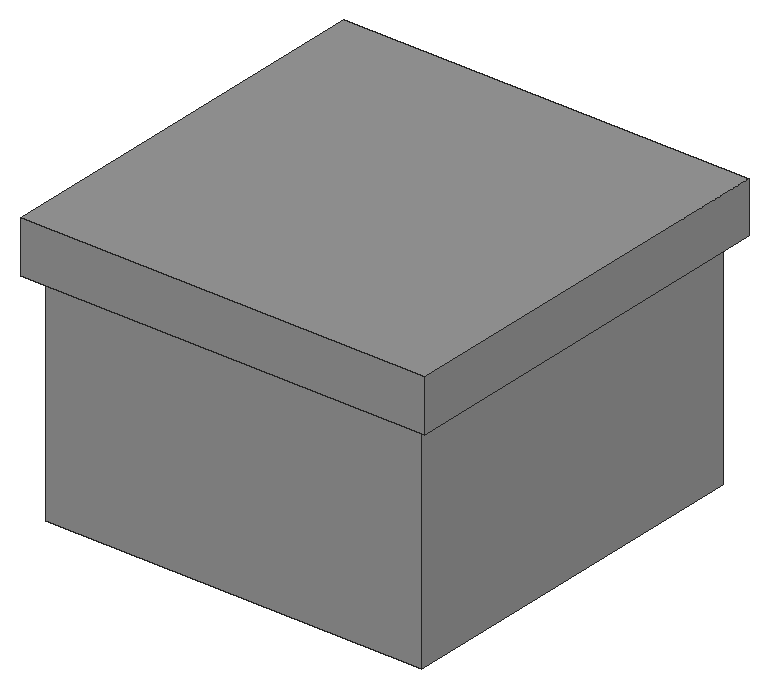
Revit family "Switch-Isolation_Fan_Scolmore_Click-Polar  ", category Electrical Fixtures, host Face, Revit 2014
Parameters (values of type "10A 3 Pole Fan Isolation Switch, Unprinted")
  Symbol - Twin = no
  Symbol - Triple Pole = yes
  Symbol - Switched = no
  Symbol - Fused = no
  Symbol - Flex Outlet = no
  Switch Voltage = 230 V
  URL = "https://www.scolmore.com/_pdfs/spec_bros/Polar%2020A%20Control%20Switches.pdf"
  Type Comments = "BS EN 60669"
  Detail - Switch Visibility = yes
  Number of Ways = ""
  Number of Poles = 3
  Detail - Neon Visibilty = no
  Symbol - Neon Indicator = no
  Detail - Fused Spur Visibility = no
  Symbol - Dual Pole = no
  Number of Gangs = ""
  Model = "Scolmore Click Polar PRW021"
  Manufacturer = "Scolmore"
  Load Classification = Power
  Switch Type Label = "F"
  Keynote = "16300"
  FixtureWidth = 86 mm
  FixtureMaterial = Phenolic Resin, White
  FixtureHeight = 86 mm
  FixtureDepth = 11 mm
  Description = "10A 3 Pole Fan Isolation Switch, unprinted"
  Default Elevation = 450 mm
  BackBoxWidth = 80 mm
  BackBoxHeight = 80 mm
  BackBoxDepth(16-47mm) = 47 mm
  Backbox Required = yes
  Assembly Code = "D5010"
  Apparent Load = 10 VA
Types (3, lengths in mm): name | Model | Description
  (no name) | "Scolmore Click Polar PRW021" | "10A 3 Pole Fan Isolation Switch, unprinted"
  10A 3 Pole Fan Isolation Switch | "Scolmore Click Polar PRW020" | "10A 3 Pole Fan Isolation Switch"
  10A 3 Pole Fan Isolation Switch, Unprinted | "Scolmore Click Polar PRW021" | "10A 3 Pole Fan Isolation Switch, unprinted"
Reference planes
  plane 1 "Center (Front/Back)": y = 0
  plane 2: z = 0
  plane 3 "Center (Left/Right)": x = 0
  plane 4 "CutOutLeft": x = -40
  plane 5 "CutOutRight": x = 40
  plane 6 "CutOutTop": y = 40
  plane 7 "CutOutBase": y = -40
  plane 8 "FixtureLeft": x = -43
  plane 9 "FixtureRight": x = 43
  plane 10 "FixtureTop": y = 43
  plane 11 "FixtureBase": y = -43
  plane 12 "FixtureDepth": z = 11
  plane 13 "CutOutDepth": z = -47
Forms (mm)
  Extrusion 1, solid, material "Phenolic Resin, White" <- "FixtureMaterial"
    sketch origin (0, 0, 0) x (1, 0, 0) y (0, 1, 0)
      loop
        line (-43, 43) -> (-43, -43) -> (43, -43) -> (43, 43) -> (-43, 43)
    from 0 to 11
  Extrusion 2, solid, material "Phenolic Resin, White" <- "FixtureMaterial", visible <- "Backbox Required"
    sketch origin (0, 0, 0) x (1, 0, 0) y (0, 1, 0)
      loop
        line (-40, 40) -> (-40, -40) -> (40, -40) -> (40, 40) -> (-40, 40)
    from 0 to -47
Dimensions and locks
  equal spacing: plane 6 "CutOutTop", plane 1 "Center (Front/Back)", plane 7 "CutOutBase"
  "BackBoxHeight": plane 6 "CutOutTop" to plane 7 "CutOutBase"
  equal spacing: plane 10 "FixtureTop", plane 1 "Center (Front/Back)", plane 11 "FixtureBase"
  "FixtureHeight": plane 10 "FixtureTop" to plane 11 "FixtureBase"
  equal spacing: plane 4 "CutOutLeft", plane 3 "Center (Left/Right)", plane 5 "CutOutRight"
  "BackBoxWidth": plane 4 "CutOutLeft" to plane 5 "CutOutRight"
  equal spacing: plane 8 "FixtureLeft", plane 3 "Center (Left/Right)", plane 9 "FixtureRight"
  "FixtureWidth": plane 8 "FixtureLeft" to plane 9 "FixtureRight"
  "FixtureDepth": plane 12 "FixtureDepth" to level
  "BackBoxDepth(16-47mm)": level to plane 13 "CutOutDepth"
  aligned and locked: plane 2 to host face
  aligned and locked: level to host face
  aligned and locked: Extrusion 1 sketch curve to plane 10 "FixtureTop"
  aligned and locked: plane 8 "FixtureLeft" to Extrusion 1 sketch curve
  aligned and locked: plane 11 "FixtureBase" to Extrusion 1 sketch curve
  aligned and locked: Extrusion 1 sketch curve to plane 9 "FixtureRight"
  aligned and locked: plane 12 "FixtureDepth" to Extrusion 1
  aligned and locked: Extrusion 2 sketch curve to plane 6 "CutOutTop"
  aligned and locked: plane 4 "CutOutLeft" to Extrusion 2 sketch curve
  aligned and locked: plane 7 "CutOutBase" to Extrusion 2 sketch curve
  aligned and locked: Extrusion 2 sketch curve to plane 5 "CutOutRight"
  aligned and locked: Extrusion 2 to plane 13 "CutOutDepth"
  aligned and locked: plane 3 "Center (Left/Right)" to nested 2
  aligned and locked: plane 1 "Center (Front/Back)" to nested 2
Automatic sketch dimensions
  host sketch curve to host sketch curve = 400.636 mm
  host sketch curve to host sketch curve = 315.6 mm
Nested families
  nested 1: "Socket Outlet Annotation" at (0, 40, 0), type "Socket Outlet Annotation", detail levels coarse+medium
  nested 2: "Switch x1 Wide Detail" at (0, 0, 0), visible <- "Detail - Switch Visibility", type "Switch x1 Wide Detail"
Connectors
  electrical at (0, 40, -23.5), driven by "Number of Poles", driven by "Switch Voltage", driven by "Apparent Load"
    settings: on Extrusion 2, index 1, voltage 230 V, apparent load 0 VA, apparent load phase1 10 VA, apparent load phase2 0 VA, apparent load phase3 0 VA, power factor 1, load classification "Other", number of poles 3, system type 31, power factor state 1, is connector primary yes, connector utility no, sub classification motor no, connector description ""
Definition of nested family "Socket Outlet Annotation"
  Parameters (values of type "Socket Outlet Annotation")
    Twin = no
    Switched = no
    Pole x3 = yes
    Neon Indicator = yes
    Label Annotation = "K"
    Fused = no
    Flex Outlet = no
    Pole x2 = yes
  Reference planes
    plane 1: y = 0
    plane 2: x = 0
  Lines and regions (mm)
    Filled region 1, type "Filled region 1", visible <- "Neon Indicator"
      outline origin (0, 0, 0) x (1, 0, 0) y (0, 1, 0)
        loop
          circle (0, 1.556) r 0.3
    Filled region 2, type "Filled region 1", visible <- "Fused"
      outline origin (0, 0, 0) x (1, 0, 0) y (0, 1, 0)
        loop
          line (-0.648, 1.078) -> (0, 0) -> (0.631, 1.092)
          arc (0.631, 1.092) -> (-0.002, 1.249) -> (-0.648, 1.078) r 1.327
    Filled region 3, type "Filled region 1", visible <- "Flex Outlet"
      outline origin (-0.051, 0.042, 0) x (1, 0, 0) y (0, 1, 0)
        loop
          circle (0.594, 0.255) r 0.25
    detail lines
      curve 1: line (-1.25, 0, 0) -> (1.25, 0, 0)
      curve 2: arc (-1.25, 0, 0) -> (0, 1.25, 0) -> (1.25, 0, 0) r 1.25
    detail lines, visible <- "Neon Indicator"
      curve 3: line (0, 1.856, 0) -> (0, 1.25, 0)
    detail lines, visible <- "Switched"
      curve 4: line (0, 1.25, 0) -> (0, 2.789, 0)
    detail lines, visible <- "Twin"
      curve 5: arc (-0.95, 0, 0) -> (0, 0.95, 0) -> (0.95, 0, 0) r 0.95
    detail lines, visible <- "Pole x2"
      curve 6: line (0, 2.789, 0) -> (0.805, 2.789, 0)
      curve 7: line (0, 2.789, 0) -> (0, 3.565, 0)
      curve 8: line (0, 3.565, 0) -> (0.805, 3.565, 0)
      curve 9: line (0, 2.789, 0) -> (0, 1.25, 0)
    detail lines, visible <- "Pole x3"
      curve 10: line (0, 3.565, 0) -> (0, 4.351, 0)
      curve 11: line (0, 4.351, 0) -> (0.805, 4.351, 0)
  Text (mm)
    label "2" at (2.51, 3.477, 0), shows "Label Annotation"
  Dimensions and locks
    aligned and locked: plane 1 to curve 1
    aligned and locked: plane 1 to curve 2
    aligned and locked: plane 2 to curve 2
    aligned and locked: curve 3 to plane 2
Definition of nested family "Switch x1 Wide Detail"
  Parameters (values of type "Switch x1 Wide Detail")
    Width = 16.5 mm * 2  # 33 mm
    Length = 30 mm
  Reference planes
    plane 1 "Center (Front/Back)": y = 0
    plane 2: z = 0
    plane 3 "Center (Left/Right)": x = 0
  Lines and regions (mm)
    detail lines, in view "Ref. Level"
      curve 1: line (-16.5, 15, 0) -> (16.5, 15, 0)
      curve 2: line (-16.5, -15, 0) -> (-16.5, 15, 0)
      curve 3: line (16.5, -15, 0) -> (-16.5, -15, 0)
      curve 4: line (16.5, 15, 0) -> (16.5, -15, 0)
  Dimensions and locks
    equal spacing: curve 2, plane 3 "Center (Left/Right)", curve 4
    "Width": curve 2 to curve 4
    equal spacing: curve 3, plane 1 "Center (Front/Back)", curve 1
    "Length": curve 3 to curve 1
